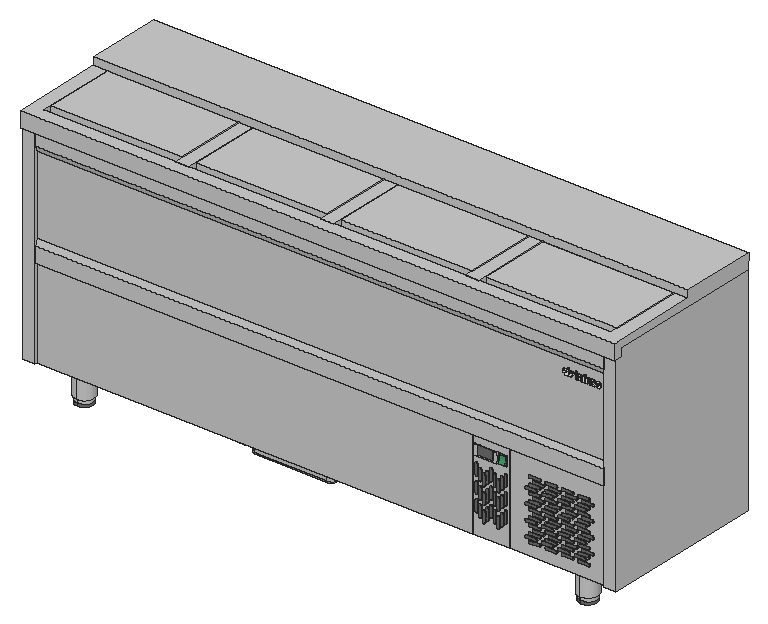
Revit family "QF_INFRICO_EB2000II_250807075353", category Specialty Equipment, Revit 2021
Family settings
  Round Connector Dimension = Use Diameter
  Part Type = Normal
  OmniClass Number = 23.40.40.14
  OmniClass Title = Food Service Equipment
  Work Plane-Based = No
  Always vertical = Yes
  Cut with Voids When Loaded = No
  Shared = No
  Room Calculation Point = No
Parameters (values of type "EB2000II")
  Weight [instance] = 0.00 kg
  Waste Water Discharge Temperature [instance] = 0 °C
  Waste Remarks [instance] = ""
  Warranty Start Date [instance] = ""
  Warranty Duration [instance] = ""
  Volts [instance] = 230 V
  Volt Free Conn [instance] = no
  URL Recommended Spares List [instance] = ""
  URL Manufacturer [instance] = ""
  URL Cutsheet [instance] = ""
  URL Critical Spares List [instance] = ""
  URL = "www.infrico.com"
  Technical Documentation [instance] = ""
  Tag Number [instance] = ""
  Status [instance] = ""
  Start Up Current [instance] = 0 A
  Specification by User [instance] = ""
  Specification by Manufacturer [instance] = ""
  Sound Level [instance] = ""
  Show Logo [instance] = yes
  Show Clearances [instance] = yes
  Service Life Duration [instance] = ""
  Serial Number [instance] = ""
  Seismic Rating [instance] = ""
  SMACNA No [instance] = ""
  Revision Code [instance] = ""
  Revision [instance] = ""
  Production Year [instance] = ""
  Potential Equalisation [instance] = no
  Point Load [instance] = 0
  Plumbing Connection Type [instance] = ""
  Phase [instance] = 1
  Other Equipment Approvals [instance] = ""
  Operational Current [instance] = 0 A
  Number of Poles [instance] = 2
  No Load Power Draw [instance] = no
  NAFEM Spec ID Number [instance] = ""
  Model Warning [instance] = ""
  Model = "EB2000II"
  Min Ckt Ampacity [instance] = 0 A
  Max Overcurrent Protection [instance] = 0 A
  Masterspec [instance] = ""
  Manufacturer = "INFRICO"
  Main switch integrated [instance] = no
  Length Actual [instance] = 1954.022 mm
  Item Number [instance] = ""
  Installed By [instance] = ""
  Installation Date [instance] = ""
  Indirect Waste Size [instance] = 19.05 mm
  Indirect Waste Remarks [instance] = ""
  Indirect Waste Flow [instance] = 0.0 L/s
  Indirect Waste Connection Type [instance] = ""
  Indirect Waste Connection Height [instance] = 0 mm
  Identify Quantity as Lot [instance] = no
  ID [instance] = ""
  Hygiene Approval [instance] = ""
  Height Actual [instance] = 865.124 mm
  HP power [instance] = ""
  Furnished By [instance] = ""
  Foodservice Equipment Identifier [instance] = no
  FL Amps [instance] = 0 A
  Electrical Remarks [instance] = ""
  Electric power [instance] = 180 W
  Electric Connection Type [instance] = ""
  Elec Conn RI Height [instance] = 0 mm
  Elec Conn Connection Height [instance] = 0 mm
  ETL Approved [instance] = no
  Direct Waste Water Discharge Temperature [instance] = -273.15 °C
  Direct Waste Size [instance] = 19.05 mm
  Direct Waste RI Height [instance] = 0 mm
  Direct Waste Flow [instance] = 0.0 L/s
  Direct Waste Connection Height [instance] = 0 mm
  Description = "CHEST BOTTLE COOLER - FOUR DOORS - R290"
  Depth Actual [instance] = 549.91 mm
  Default Elevation = 0 mm
  Cycle [instance] = 50 Hz
  Cost = 0
  Connection to energy optimisation system [instance] = yes
  Conn Plug [instance] = ""
  Conn Conduit [instance] = no
  Centralized building control system with digital interface [instance] = ""
  CSI MasterFormat [instance] = ""
  CE Approved [instance] = no
  Barcode [instance] = 0
  Author [instance] = ""
  Asset Identifier [instance] = ""
  Apparent Power [instance] = 180 VA
  Accessory [instance] = no
Reference planes
  plane 1 "Center (Front/Back)": y = 0
  plane 2: z = 0
  plane 3 "Center (Left/Right)": x = 0
Forms (mm)
  Extrusion 1, solid, not visible
    sketch origin (1522.074, -273.113, 107.005) x (1, 0, 0) y (0, 1, 0)
      loop
        line (-2, 2) -> (-2, -2) -> (2, -2) -> (2, 2) -> (-2, 2)
    from -2 to 2
  Extrusion 2, solid, not visible
    sketch origin (1387.568, -84.104, 107.005) x (1, 0, 0) y (0, 1, 0)
      loop
        line (-2, 2) -> (-2, -2) -> (2, -2) -> (2, 2) -> (-2, 2)
    from -2 to 2
Dimensions and locks
  locked: nested 2 to Extrusion 1 at 2  (x2)
  locked: nested 3 to Extrusion 2 at 2  (x2)
  aligned and locked: level to plane 2
Nested families
  nested 1: "QF_INFRICO_EB2000II_2920" at (0, 0, 0), type "EB2000II"
    with Weight 0.00 kg, Warranty Start Date "", Warranty Duration "", URL Cutsheet "", Technical Documentation "", Tag Number "", Status "", Specification by User "", Specification by Manufacturer "", Sound Level "", Solid Fuel Type "", Show Logo yes, Show Clearances yes, Show Clearance yes, Service Life Duration "", Serial Number "", Seismic Rating "", SMACNA No "", Revision Code "", Revision "", Production Year "", Point Load 0, Other Equipment Approvals "", NAFEM Spec ID Number "", Model Warning "", Masterspec "", Length Actual 1954.022 mm, Item Number "", Installed By "", Installation Date "", Identify Quantity as Lot yes, ID "", Hygiene Approval "", Height Actual 865.124 mm, Furnished By "", Foodservice Equipment Identifier yes, Finish none, ETL Approved yes, Depth Actual 549.91 mm, CSI MasterFormat "", CE Approved no, Barcode "", Author "", Asset Identifier "", Accessory no
  nested 2: "CONN_POINT_DRAIN_2D___Generic_Annotation" at (1522.074, -273.113, 105.005), type "CONN_POINT_DRAIN_2D___Generic_Annotation"
    with Onboard connection annotation symbol visibility yes
  nested 3: "CONN_POINT_ELE_2D___Generic_Annotation" at (1387.568, -84.104, 105.005), type "CONN_POINT_ELE_2D___Generic_Annotation"
    with Onboard connection annotation symbol visibility yes
Connectors
  piping at (1522.074, -273.113, 105.005), diameter 19.05, driven by "Indirect Waste Size", driven by "Direct Waste Flow"
    settings: on Extrusion 1, index 1, connector inside diameter 609.6 mm, connector length 0 mm, flow factor 0, pipe flow 0.0 L/s, pressure drop 0.0 Pa, fitting loss kfactor 0, connector angle 0.00°, fixture units 0, engagement length 0 mm, angle of deflection 0.00°, flow configuration 1, flow direction 2, fitting loss method 0, system type 16, joint type 0, gender type 0, connector reference index -1, connector utility 0, adjustable connector no, is connector primary yes, connector description "Waste connection for EB2000II"
  electrical at (1387.568, -84.104, 105.005), driven by "Apparent Power", driven by "Number of Poles", driven by "Volts"
    settings: on Extrusion 2, index 2, voltage 230 V, apparent load 0 VA, apparent load phase1 180 VA, apparent load phase2 0 VA, apparent load phase3 0 VA, power factor 1, load classification "Other", number of poles 2, system type 31, power factor state 1, is connector primary yes, connector utility no, sub classification motor no, connector description "Electrical connection for EB2000II"
Definition of nested family "QF_INFRICO_EB2000II_2920"
  Parameters (values of type "EB2000II")
    Weight [instance] = 0.00 kg
    Warranty Start Date [instance] = ""
    Warranty Duration [instance] = ""
    URL Cutsheet [instance] = ""
    URL = "www.infrico.com"
    Technical Documentation [instance] = ""
    Tag Number [instance] = ""
    Status [instance] = ""
    Specification by User [instance] = ""
    Specification by Manufacturer [instance] = ""
    Sound Level [instance] = ""
    Solid Fuel Type [instance] = ""
    Show Logo [instance] = yes
    Show Clearances [instance] = yes
    Show Clearance [instance] = yes
    Service Life Duration [instance] = ""
    Serial Number [instance] = ""
    Seismic Rating [instance] = ""
    SMACNA No [instance] = ""
    Revision Code [instance] = ""
    Revision [instance] = ""
    Production Year [instance] = ""
    Point Load [instance] = 0
    Other Equipment Approvals [instance] = ""
    NAFEM Spec ID Number [instance] = ""
    Model Warning [instance] = ""
    Model = "EB2000II"
    Masterspec [instance] = ""
    Manufacturer = "INFRICO"
    Length Actual [instance] = 0 mm
    Item Number [instance] = ""
    Installed By [instance] = ""
    Installation Date [instance] = ""
    Identify Quantity as Lot [instance] = yes
    ID [instance] = ""
    Hygiene Approval [instance] = ""
    Height Actual [instance] = 0 mm
    Furnished By [instance] = ""
    Foodservice Equipment Identifier [instance] = yes
    Finish [instance] = none
    ETL Approved [instance] = yes
    Description = "CHEST BOTTLE COOLER - FOUR DOORS - R290"
    Depth Actual [instance] = 0 mm
    Default Elevation = 0 mm
    CSI MasterFormat [instance] = ""
    CE Approved [instance] = yes
    Barcode [instance] = ""
    Author [instance] = ""
    Asset Identifier [instance] = ""
    Assembly Code = "E1090320"
    Accessory [instance] = yes
  Reference planes
    plane 1 "Back": y = 0
    plane 2: z = 0
    plane 3 "Left": x = 0
    plane 4 "Right": x = 1954
    plane 5 "Front": y = -550
    plane 6 "Top": z = 865
  Forms (mm)
    Extrusion 1, solid
      sketch origin (0, 0, -15) x (0, 1, 0) y (0, 0, 1)
        loop
          line (0, 880) -> (-247, 880) -> (-247, 855) -> (0, 855) -> (0, 880)
      from 0 to 1954
    Extrusion 2, solid
      sketch origin (0, 0, -15) x (1, 0, 0) y (0, 0, 1)
        loop
          line (44, 855) -> (0, 855) -> (0, 830) -> (3, 830) -> (3, 836) -> (44, 836) -> (44, 855)
      from 0 to 510
    Extrusion 3, solid
      sketch origin (1954, 0, -15) x (-1, 0, 0) y (0, 0, -1)
        loop
          line (44, -855) -> (44, -836) -> (3, -836) -> (3, -830) -> (0, -830) -> (0, -855) -> (44, -855)
      from 0 to 510
    Extrusion 4, solid
      sketch origin (0, 0, -15) x (0, 1, 0) y (0, 0, 1)
        loop
          line (-510, 830) -> (-510, 855) -> (-550, 855) -> (-550, 830) -> (-510, 830)
      from 0 to 1954
    Extrusion 5, solid
      sketch origin (2, 0, -15) x (0, 1, 0) y (0, 0, 1)
        loop
          line (-247, 855) -> (-482, 855) -> (-482, 832) -> (-510, 832) -> (-510, 830) -> (-247, 830) -> (-247, 855)
      from 44 to 475
    Extrusion 6, solid
      sketch origin (0, 0, -15) x (0, 1, 0) y (0, 0, 1)
        loop
          line (0, 855) -> (-44, 855) -> (-44, 830) -> (0, 830) -> (0, 855)
      from 44 to 1910
    Extrusion 7, solid
      sketch origin (0, 0, -15) x (1, 0, 0) y (0, 0, 1)
        loop
          line (3, 830) -> (44, 830) -> (44, 836) -> (3, 836) -> (3, 830)
      from 0 to 44
    Extrusion 8, solid
      sketch origin (1907, 0, -15) x (1, 0, 0) y (0, 0, 1)
        loop
          line (3, 830) -> (44, 830) -> (44, 836) -> (3, 836) -> (3, 830)
      from 0 to 44
    Extrusion 9, solid
      sketch origin (3, 0, -15) x (0, 1, 0) y (0, 0, 1)
        loop
          line (-542, 120) -> (0, 120) -> (0, 830) -> (-542, 830) -> (-542, 120)
      from 0 to 39
    Extrusion 10, solid, visible <- "Show Logo"
      sketch origin (610.682, -535, -15.716) x (1, 0, 0) y (0, 0, 1)
        loop
          line (1208.799, 696.53) -> (1208.799, 719.204) -> (1204.173, 719.204) -> (1204.173, 696.53) -> (1208.799, 696.53)
        loop
          line (1214.779, 713.006) -> (1211.283, 713.006) -> (1211.283, 696.53) -> (1215.772, 696.53) -> (1215.772, 707.832)
          arc (1215.772, 707.832) -> (1217.528, 708.741) -> (1219.417, 709.324) r 11.052
          arc (1219.417, 709.324) -> (1220.929, 708.961) -> (1221.598, 707.557) r 1.806
          line (1221.598, 707.557) -> (1221.598, 696.53) -> (1226.121, 696.53) -> (1226.121, 708.689)
          arc (1226.121, 708.689) -> (1224.637, 712.075) -> (1221.141, 713.281) r 4.607
          arc (1221.141, 713.281) -> (1218.282, 712.674) -> (1215.669, 711.361) r 11.435
          line (1215.669, 711.361) -> (1215.601, 712.184)
          arc (1215.601, 712.184) -> (1215.36, 712.765) -> (1214.779, 713.006) r 0.822
        loop
          line (1238.557, 720.102) -> (1237.306, 720.102)
          arc (1237.306, 720.102) -> (1235.052, 719.926) -> (1232.881, 719.297) r 11.103
          arc (1232.881, 719.297) -> (1230.805, 717.616) -> (1230.024, 715.062) r 4.567
          line (1230.024, 715.062) -> (1230.024, 712.909) -> (1227.351, 712.703) -> (1227.351, 709.374) -> (1230.024, 709.374) -> (1230.024, 696.53) -> (1234.547, 696.53) -> (1234.547, 709.374) -> (1238.249, 709.374) -> (1238.249, 712.938) -> (1234.547, 712.938) -> (1234.547, 714.548)
          arc (1234.547, 714.548) -> (1234.956, 715.705) -> (1236.045, 716.271) r 1.67
          line (1236.045, 716.271) -> (1237.7, 716.399)
          arc (1237.7, 716.399) -> (1238.306, 716.65) -> (1238.557, 717.255) r 0.857
          line (1238.557, 717.255) -> (1238.557, 720.102)
        loop
          line (1239.479, 713.006) -> (1239.479, 696.53) -> (1243.968, 696.53) -> (1243.968, 707.352)
          arc (1243.968, 707.352) -> (1245.873, 708.631) -> (1248.077, 709.268) r 7.435
          line (1248.077, 709.268) -> (1249.241, 709.416)
          arc (1249.241, 709.416) -> (1249.643, 709.758) -> (1249.793, 710.265) r 0.928
          line (1249.793, 710.265) -> (1249.793, 712.458)
          arc (1249.793, 712.458) -> (1249.531, 713.061) -> (1248.912, 713.28) r 0.824
          arc (1248.912, 713.28) -> (1246.197, 712.588) -> (1243.899, 710.984) r 7.833
          line (1243.899, 710.984) -> (1243.726, 713.006) -> (1239.479, 713.006)
        loop
          line (1255.495, 696.53) -> (1255.495, 713.006) -> (1251.006, 713.006) -> (1251.006, 696.53) -> (1255.495, 696.53)
        loop
          arc (1257.421, 701.327) -> (1258.567, 698.188) -> (1261.466, 696.525) r 4.873
          arc (1261.466, 696.525) -> (1264.493, 696.266) -> (1267.521, 696.525) r 17.816
          arc (1267.521, 696.525) -> (1270.575, 699.134) -> (1271.505, 703.041) r 6.481
          line (1271.505, 703.041) -> (1267.187, 703.041) -> (1267.187, 701.67)
          arc (1267.187, 701.67) -> (1266.64, 700.452) -> (1265.442, 699.865) r 1.965
          arc (1265.442, 699.865) -> (1264.547, 699.816) -> (1263.653, 699.865) r 8.196
          arc (1263.653, 699.865) -> (1262.417, 700.415) -> (1261.91, 701.67) r 1.806
          line (1261.91, 701.67) -> (1261.91, 707.9)
          arc (1261.91, 707.9) -> (1262.417, 709.155) -> (1263.653, 709.705) r 1.806
          arc (1263.653, 709.705) -> (1264.547, 709.754) -> (1265.442, 709.705) r 8.196
          arc (1265.442, 709.705) -> (1266.64, 709.118) -> (1267.187, 707.9) r 1.965
          line (1267.187, 707.9) -> (1267.187, 706.838) -> (1271.505, 706.838)
          arc (1271.505, 706.838) -> (1270.524, 710.556) -> (1267.521, 712.959) r 6.132
          arc (1267.521, 712.959) -> (1264.493, 713.294) -> (1261.466, 712.959) r 13.851
          arc (1261.466, 712.959) -> (1258.571, 711.349) -> (1257.421, 708.243) r 4.772
          line (1257.421, 708.243) -> (1257.421, 701.327)
        loop
          arc (1272.916, 701.329) -> (1273.993, 698.345) -> (1276.726, 696.734) r 4.676
          arc (1276.726, 696.734) -> (1278.515, 696.455) -> (1280.318, 696.291) r 28.371
          arc (1280.318, 696.291) -> (1282.122, 696.455) -> (1283.911, 696.734) r 28.371
          arc (1283.911, 696.734) -> (1286.644, 698.345) -> (1287.72, 701.329) r 4.676
          line (1287.72, 701.329) -> (1287.72, 708.242)
          arc (1287.72, 708.242) -> (1286.644, 711.226) -> (1283.911, 712.837) r 4.676
          arc (1283.911, 712.837) -> (1282.122, 713.116) -> (1280.318, 713.28) r 28.371
          arc (1280.318, 713.28) -> (1278.515, 713.116) -> (1276.726, 712.837) r 28.371
          arc (1276.726, 712.837) -> (1273.993, 711.226) -> (1272.916, 708.242) r 4.676
          line (1272.916, 708.242) -> (1272.916, 701.329)
        loop
          line (1277.405, 707.866) -> (1277.405, 701.705)
          arc (1277.405, 701.705) -> (1277.844, 700.556) -> (1278.936, 699.991) r 1.725
          arc (1278.936, 699.991) -> (1279.627, 699.918) -> (1280.318, 699.856) r 46.133
          arc (1280.318, 699.856) -> (1281.01, 699.918) -> (1281.701, 699.991) r 46.133
          arc (1281.701, 699.991) -> (1282.793, 700.556) -> (1283.231, 701.705) r 1.725
          line (1283.231, 701.705) -> (1283.231, 707.866)
          arc (1283.231, 707.866) -> (1282.793, 709.015) -> (1281.701, 709.58) r 1.725
          arc (1281.701, 709.58) -> (1281.01, 709.653) -> (1280.318, 709.716) r 46.133
          arc (1280.318, 709.716) -> (1279.627, 709.653) -> (1278.936, 709.58) r 46.133
          arc (1278.936, 709.58) -> (1277.844, 709.015) -> (1277.405, 707.866) r 1.725
        loop
          arc (1190.339, 696.543) -> (1191.411, 696.987) -> (1191.856, 698.059) r 1.516
          line (1191.856, 698.059) -> (1191.856, 703.891) -> (1196.035, 703.891)
          arc (1196.035, 703.891) -> (1196.79, 704.121) -> (1197.218, 704.782) r 1.147
          line (1197.218, 704.782) -> (1197.218, 706.211)
          arc (1197.218, 706.211) -> (1196.787, 707.258) -> (1195.719, 707.634) r 1.385
          line (1195.719, 707.634) -> (1194.52, 707.634) -> (1197.218, 710.332)
          arc (1197.218, 710.332) -> (1197.605, 711.266) -> (1197.218, 712.2) r 1.321
          line (1197.218, 712.2) -> (1196.495, 712.923)
          arc (1196.495, 712.923) -> (1195.54, 713.338) -> (1194.558, 712.991) r 1.422
          line (1194.558, 712.991) -> (1191.853, 710.286) -> (1191.853, 711.479)
          arc (1191.853, 711.479) -> (1191.443, 712.516) -> (1190.435, 712.992) r 1.516
          line (1190.435, 712.992) -> (1189.514, 712.992)
          arc (1189.514, 712.992) -> (1188.511, 712.514) -> (1188.103, 711.479) r 1.516
          line (1188.103, 711.479) -> (1188.103, 706.83) -> (1182.073, 701.336) -> (1182.073, 707.509) -> (1185.639, 711.075)
          arc (1185.639, 711.075) -> (1186.053, 712.073) -> (1185.639, 713.071) r 1.412
          line (1185.639, 713.071) -> (1184.987, 713.723)
          arc (1184.987, 713.723) -> (1183.939, 714.141) -> (1182.915, 713.667) r 1.428
          line (1182.915, 713.667) -> (1182.073, 712.825) -> (1182.073, 717.784)
          arc (1182.073, 717.784) -> (1181.658, 718.787) -> (1180.655, 719.203) r 1.418
          line (1180.655, 719.203) -> (1179.726, 719.203)
          arc (1179.726, 719.203) -> (1178.723, 718.787) -> (1178.308, 717.784) r 1.418
          line (1178.308, 717.784) -> (1178.308, 712.825) -> (1177.466, 713.667)
          arc (1177.466, 713.667) -> (1176.442, 714.141) -> (1175.394, 713.723) r 1.428
          line (1175.394, 713.723) -> (1174.742, 713.071)
          arc (1174.742, 713.071) -> (1174.328, 712.073) -> (1174.742, 711.075) r 1.412
          line (1174.742, 711.075) -> (1178.308, 707.509) -> (1178.308, 701.336) -> (1172.278, 706.83) -> (1172.278, 711.479)
          arc (1172.278, 711.479) -> (1171.87, 712.514) -> (1170.867, 712.992) r 1.516
          line (1170.867, 712.992) -> (1169.946, 712.992)
          arc (1169.946, 712.992) -> (1168.938, 712.516) -> (1168.528, 711.479) r 1.516
          line (1168.528, 711.479) -> (1168.528, 710.286) -> (1165.823, 712.991)
          arc (1165.823, 712.991) -> (1164.841, 713.338) -> (1163.886, 712.923) r 1.422
          line (1163.886, 712.923) -> (1163.163, 712.2)
          arc (1163.163, 712.2) -> (1162.776, 711.266) -> (1163.163, 710.332) r 1.321
          line (1163.163, 710.332) -> (1165.861, 707.634) -> (1164.662, 707.634)
          arc (1164.662, 707.634) -> (1163.594, 707.258) -> (1163.163, 706.211) r 1.385
          line (1163.163, 706.211) -> (1163.163, 704.782)
          arc (1163.163, 704.782) -> (1163.591, 704.121) -> (1164.346, 703.891) r 1.147
          line (1164.346, 703.891) -> (1168.525, 703.891) -> (1168.525, 698.059)
          arc (1168.525, 698.059) -> (1168.969, 696.987) -> (1170.042, 696.543) r 1.516
          line (1170.042, 696.543) -> (1190.339, 696.543)
      from 0 to 2
    Extrusion 11, solid
      sketch origin (1585.5, -534, 1402.457) x (0, -1, 0) y (0, 0, 1)
        loop
          line (0, -1056.457) -> (2, -1056.457)
          arc (2, -1056.457) -> (5.042, -1056.207) -> (8.002, -1055.466) r 18.678
          arc (8.002, -1055.466) -> (4.242, -1043.724) -> (3, -1031.457) r 59.104
          line (3, -1031.457) -> (0, -1031.457) -> (0, -1056.457)
      from 0 to 19
    Extrusion 12, solid
      sketch origin (1585.5, -536, 1402.457) x (-1, 0, 0) y (0, 0, 1)
        loop
          line (22, -1028.457) -> (-3, -1028.457) -> (-3, -1059.457) -> (22, -1059.457) -> (22, -1028.457)
      from 0 to 2
    Extrusion 13, solid
      sketch origin (2763.844, -534.1, 58.143) x (-1, 0, 0) y (0, 0, 1)
        loop
          arc (1280.344, 256.857) -> (1275.844, 261.357) -> (1271.344, 256.857) r 4.5
          line (1271.344, 256.857) -> (1271.344, 225.857)
          arc (1271.344, 225.857) -> (1275.844, 221.357) -> (1280.344, 225.857) r 4.5
          line (1280.344, 225.857) -> (1280.344, 256.857)
        loop
          arc (1268.344, 244.857) -> (1263.844, 249.357) -> (1259.344, 244.857) r 4.5
          line (1259.344, 244.857) -> (1259.344, 213.857)
          arc (1259.344, 213.857) -> (1263.844, 209.357) -> (1268.344, 213.857) r 4.5
          line (1268.344, 213.857) -> (1268.344, 244.857)
        loop
          arc (1256.344, 232.857) -> (1251.844, 237.357) -> (1247.344, 232.857) r 4.5
          line (1247.344, 232.857) -> (1247.344, 201.857)
          arc (1247.344, 201.857) -> (1251.844, 197.357) -> (1256.344, 201.857) r 4.5
          line (1256.344, 201.857) -> (1256.344, 232.857)
        loop
          arc (1244.344, 244.857) -> (1239.844, 249.357) -> (1235.344, 244.857) r 4.5
          line (1235.344, 244.857) -> (1235.344, 213.857)
          arc (1235.344, 213.857) -> (1239.844, 209.357) -> (1244.344, 213.857) r 4.5
          line (1244.344, 213.857) -> (1244.344, 244.857)
        loop
          arc (1232.344, 256.857) -> (1227.844, 261.357) -> (1223.344, 256.857) r 4.5
          line (1223.344, 256.857) -> (1223.344, 225.857)
          arc (1223.344, 225.857) -> (1227.844, 221.357) -> (1232.344, 225.857) r 4.5
          line (1232.344, 225.857) -> (1232.344, 256.857)
        loop
          arc (1220.344, 244.857) -> (1215.844, 249.357) -> (1211.344, 244.857) r 4.5
          line (1211.344, 244.857) -> (1211.344, 213.857)
          arc (1211.344, 213.857) -> (1215.844, 209.357) -> (1220.344, 213.857) r 4.5
          line (1220.344, 213.857) -> (1220.344, 244.857)
        loop
          arc (1208.344, 232.857) -> (1203.844, 237.357) -> (1199.344, 232.857) r 4.5
          line (1199.344, 232.857) -> (1199.344, 201.857)
          arc (1199.344, 201.857) -> (1203.844, 197.357) -> (1208.344, 201.857) r 4.5
          line (1208.344, 201.857) -> (1208.344, 232.857)
        loop
          arc (1196.344, 244.857) -> (1191.844, 249.357) -> (1187.344, 244.857) r 4.5
          line (1187.344, 244.857) -> (1187.344, 213.857)
          arc (1187.344, 213.857) -> (1191.844, 209.357) -> (1196.344, 213.857) r 4.5
          line (1196.344, 213.857) -> (1196.344, 244.857)
        loop
          line (1175.344, 256.857) -> (1175.344, 225.857)
          arc (1175.344, 225.857) -> (1179.844, 221.357) -> (1184.344, 225.857) r 4.5
          line (1184.344, 225.857) -> (1184.344, 256.857)
          arc (1184.344, 256.857) -> (1179.844, 261.357) -> (1175.344, 256.857) r 4.5
        loop
          arc (1280.344, 202.857) -> (1275.844, 207.357) -> (1271.344, 202.857) r 4.5
          line (1271.344, 202.857) -> (1271.344, 171.857)
          arc (1271.344, 171.857) -> (1275.844, 167.357) -> (1280.344, 171.857) r 4.5
          line (1280.344, 171.857) -> (1280.344, 202.857)
        loop
          arc (1268.344, 190.857) -> (1263.844, 195.357) -> (1259.344, 190.857) r 4.5
          line (1259.344, 190.857) -> (1259.344, 159.857)
          arc (1259.344, 159.857) -> (1263.844, 155.357) -> (1268.344, 159.857) r 4.5
          line (1268.344, 159.857) -> (1268.344, 190.857)
        loop
          arc (1256.344, 178.857) -> (1251.844, 183.357) -> (1247.344, 178.857) r 4.5
          line (1247.344, 178.857) -> (1247.344, 147.857)
          arc (1247.344, 147.857) -> (1251.844, 143.357) -> (1256.344, 147.857) r 4.5
          line (1256.344, 147.857) -> (1256.344, 178.857)
        loop
          arc (1244.344, 190.857) -> (1239.844, 195.357) -> (1235.344, 190.857) r 4.5
          line (1235.344, 190.857) -> (1235.344, 159.857)
          arc (1235.344, 159.857) -> (1239.844, 155.357) -> (1244.344, 159.857) r 4.5
          line (1244.344, 159.857) -> (1244.344, 190.857)
        loop
          arc (1232.344, 202.857) -> (1227.844, 207.357) -> (1223.344, 202.857) r 4.5
          line (1223.344, 202.857) -> (1223.344, 171.857)
          arc (1223.344, 171.857) -> (1227.844, 167.357) -> (1232.344, 171.857) r 4.5
          line (1232.344, 171.857) -> (1232.344, 202.857)
        loop
          arc (1220.344, 190.857) -> (1215.844, 195.357) -> (1211.344, 190.857) r 4.5
          line (1211.344, 190.857) -> (1211.344, 159.857)
          arc (1211.344, 159.857) -> (1215.844, 155.357) -> (1220.344, 159.857) r 4.5
          line (1220.344, 159.857) -> (1220.344, 190.857)
        loop
          arc (1208.344, 178.857) -> (1203.844, 183.357) -> (1199.344, 178.857) r 4.5
          line (1199.344, 178.857) -> (1199.344, 147.857)
          arc (1199.344, 147.857) -> (1203.844, 143.357) -> (1208.344, 147.857) r 4.5
          line (1208.344, 147.857) -> (1208.344, 178.857)
        loop
          arc (1196.344, 190.857) -> (1191.844, 195.357) -> (1187.344, 190.857) r 4.5
          line (1187.344, 190.857) -> (1187.344, 159.857)
          arc (1187.344, 159.857) -> (1191.844, 155.357) -> (1196.344, 159.857) r 4.5
          line (1196.344, 159.857) -> (1196.344, 190.857)
        loop
          line (1175.344, 202.857) -> (1175.344, 171.857)
          arc (1175.344, 171.857) -> (1179.844, 167.357) -> (1184.344, 171.857) r 4.5
          line (1184.344, 171.857) -> (1184.344, 202.857)
          arc (1184.344, 202.857) -> (1179.844, 207.357) -> (1175.344, 202.857) r 4.5
        loop
          arc (1280.344, 148.857) -> (1275.844, 153.357) -> (1271.344, 148.857) r 4.5
          line (1271.344, 148.857) -> (1271.344, 117.857)
          arc (1271.344, 117.857) -> (1275.844, 113.357) -> (1280.344, 117.857) r 4.5
          line (1280.344, 117.857) -> (1280.344, 148.857)
        loop
          arc (1268.344, 136.857) -> (1263.844, 141.357) -> (1259.344, 136.857) r 4.5
          line (1259.344, 136.857) -> (1259.344, 105.857)
          arc (1259.344, 105.857) -> (1263.844, 101.357) -> (1268.344, 105.857) r 4.5
          line (1268.344, 105.857) -> (1268.344, 136.857)
        loop
          arc (1256.344, 124.857) -> (1251.844, 129.357) -> (1247.344, 124.857) r 4.5
          line (1247.344, 124.857) -> (1247.344, 93.857)
          arc (1247.344, 93.857) -> (1251.844, 89.357) -> (1256.344, 93.857) r 4.5
          line (1256.344, 93.857) -> (1256.344, 124.857)
        loop
          arc (1244.344, 136.857) -> (1239.844, 141.357) -> (1235.344, 136.857) r 4.5
          line (1235.344, 136.857) -> (1235.344, 105.857)
          arc (1235.344, 105.857) -> (1239.844, 101.357) -> (1244.344, 105.857) r 4.5
          line (1244.344, 105.857) -> (1244.344, 136.857)
        loop
          arc (1232.344, 148.857) -> (1227.844, 153.357) -> (1223.344, 148.857) r 4.5
          line (1223.344, 148.857) -> (1223.344, 117.857)
          arc (1223.344, 117.857) -> (1227.844, 113.357) -> (1232.344, 117.857) r 4.5
          line (1232.344, 117.857) -> (1232.344, 148.857)
        loop
          arc (1220.344, 136.857) -> (1215.844, 141.357) -> (1211.344, 136.857) r 4.5
          line (1211.344, 136.857) -> (1211.344, 105.857)
          arc (1211.344, 105.857) -> (1215.844, 101.357) -> (1220.344, 105.857) r 4.5
          line (1220.344, 105.857) -> (1220.344, 136.857)
        loop
          arc (1208.344, 124.857) -> (1203.844, 129.357) -> (1199.344, 124.857) r 4.5
          line (1199.344, 124.857) -> (1199.344, 93.857)
          arc (1199.344, 93.857) -> (1203.844, 89.357) -> (1208.344, 93.857) r 4.5
          line (1208.344, 93.857) -> (1208.344, 124.857)
        loop
          arc (1196.344, 136.857) -> (1191.844, 141.357) -> (1187.344, 136.857) r 4.5
          line (1187.344, 136.857) -> (1187.344, 105.857)
          arc (1187.344, 105.857) -> (1191.844, 101.357) -> (1196.344, 105.857) r 4.5
          line (1196.344, 105.857) -> (1196.344, 136.857)
        loop
          line (1175.344, 148.857) -> (1175.344, 117.857)
          arc (1175.344, 117.857) -> (1179.844, 113.357) -> (1184.344, 117.857) r 4.5
          line (1184.344, 117.857) -> (1184.344, 148.857)
          arc (1184.344, 148.857) -> (1179.844, 153.357) -> (1175.344, 148.857) r 4.5
      from 0 to 2
    Extrusion 14, solid
      sketch origin (-1000, 0, -15) x (1, 0, 0) y (0, 1, 0)
        loop
          line (1000, -550) -> (2954, -550) -> (2954, -525) -> (2951, -525) -> (2951, -548) -> (1003, -548) -> (1003, -525) -> (1000, -525) -> (1000, -550)
      from 805 to 830
    Extrusion 15, solid
      sketch origin (998, 0, -15) x (0, 1, 0) y (0, 0, -1)
        loop
          line (-247, -855) -> (-247, -830) -> (-510, -830) -> (-510, -832) -> (-482, -832) -> (-482, -855) -> (-247, -855)
      from 44 to 475
    Extrusion 16, solid
      sketch origin (-2, 0, -15) x (1, 0, 0) y (0, 1, 0)
        loop
          line (480, -247) -> (480, -510) -> (524, -510) -> (524, -247) -> (480, -247)
      from 830 to 855
    Extrusion 17, solid
      sketch origin (1951, 0, -15) x (0, 1, 0) y (0, 0, -1)
        loop
          line (-542, -120) -> (-542, -830) -> (0, -830) -> (0, -120) -> (-542, -120)
      from 0 to 39
    Extrusion 18, solid
      sketch origin (0, 0, -2) x (0, 1, 0) y (0, 0, 1)
        loop
          line (-542, 817) -> (-542, 750) -> (-535, 731) -> (-535, 474) -> (-542, 455) -> (-542, 405) -> (-525, 405) -> (-525, 817) -> (-542, 817)
      from 42 to 1912
    Extrusion 19, solid
      sketch origin (0, 0, -2) x (0, 1, 0) y (0, 0, 1)
        loop
          line (0, 817) -> (-12, 817) -> (-12, 119) -> (-485, 119) -> (-485, 107) -> (0, 107) -> (0, 817)
      from 42 to 1912
    Extrusion 20, solid
      sketch origin (0, 0, -2) x (0, 1, 0) y (0, 0, 1)
        loop
          line (-485, 107) -> (-485, 119) -> (-525, 119) -> (-525, 405) -> (-534, 405) -> (-534, 107) -> (-485, 107)
      from 42 to 1476
    Extrusion 21, solid
      sketch origin (1434, 0, -2) x (0, 1, 0) y (0, 0, 1)
        loop
          line (-485, 107) -> (-485, 119) -> (-525, 119) -> (-525, 405) -> (-534, 405) -> (-534, 107) -> (-485, 107)
      from 42 to 162
    Extrusion 22, solid
      sketch origin (1554, 0, -2) x (0, 1, 0) y (0, 0, 1)
        loop
          line (-485, 107) -> (-485, 119) -> (-525, 119) -> (-525, 405) -> (-534, 405) -> (-534, 107) -> (-485, 107)
      from 42 to 358
    Extrusion 23, solid
      sketch origin (2883.844, -534.1, 58.143) x (-1, 0, 0) y (0, 0, 1)
        loop
          arc (1068.844, 176.857) -> (1064.344, 172.357) -> (1068.844, 167.857) r 4.5
          line (1068.844, 167.857) -> (1099.844, 167.857)
          arc (1099.844, 167.857) -> (1104.344, 172.357) -> (1099.844, 176.857) r 4.5
          line (1099.844, 176.857) -> (1068.844, 176.857)
        loop
          arc (1080.844, 164.857) -> (1076.344, 160.357) -> (1080.844, 155.857) r 4.5
          line (1080.844, 155.857) -> (1111.844, 155.857)
          arc (1111.844, 155.857) -> (1116.344, 160.357) -> (1111.844, 164.857) r 4.5
          line (1111.844, 164.857) -> (1080.844, 164.857)
        loop
          arc (1092.844, 152.857) -> (1088.344, 148.357) -> (1092.844, 143.857) r 4.5
          line (1092.844, 143.857) -> (1123.844, 143.857)
          arc (1123.844, 143.857) -> (1128.344, 148.357) -> (1123.844, 152.857) r 4.5
          line (1123.844, 152.857) -> (1092.844, 152.857)
        loop
          arc (1080.844, 140.857) -> (1076.344, 136.357) -> (1080.844, 131.857) r 4.5
          line (1080.844, 131.857) -> (1111.844, 131.857)
          arc (1111.844, 131.857) -> (1116.344, 136.357) -> (1111.844, 140.857) r 4.5
          line (1111.844, 140.857) -> (1080.844, 140.857)
        loop
          arc (1068.844, 128.857) -> (1064.344, 124.357) -> (1068.844, 119.857) r 4.5
          line (1068.844, 119.857) -> (1099.844, 119.857)
          arc (1099.844, 119.857) -> (1104.344, 124.357) -> (1099.844, 128.857) r 4.5
          line (1099.844, 128.857) -> (1068.844, 128.857)
        loop
          arc (1080.844, 116.857) -> (1076.344, 112.357) -> (1080.844, 107.857) r 4.5
          line (1080.844, 107.857) -> (1111.844, 107.857)
          arc (1111.844, 107.857) -> (1116.344, 112.357) -> (1111.844, 116.857) r 4.5
          line (1111.844, 116.857) -> (1080.844, 116.857)
        loop
          arc (1092.844, 104.857) -> (1088.344, 100.357) -> (1092.844, 95.857) r 4.5
          line (1092.844, 95.857) -> (1123.844, 95.857)
          arc (1123.844, 95.857) -> (1128.344, 100.357) -> (1123.844, 104.857) r 4.5
          line (1123.844, 104.857) -> (1092.844, 104.857)
        loop
          arc (1080.844, 92.857) -> (1076.344, 88.357) -> (1080.844, 83.857) r 4.5
          line (1080.844, 83.857) -> (1111.844, 83.857)
          arc (1111.844, 83.857) -> (1116.344, 88.357) -> (1111.844, 92.857) r 4.5
          line (1111.844, 92.857) -> (1080.844, 92.857)
        loop
          arc (1122.844, 176.857) -> (1118.344, 172.357) -> (1122.844, 167.857) r 4.5
          line (1122.844, 167.857) -> (1153.844, 167.857)
          arc (1153.844, 167.857) -> (1158.344, 172.357) -> (1153.844, 176.857) r 4.5
          line (1153.844, 176.857) -> (1122.844, 176.857)
        loop
          arc (1134.844, 164.857) -> (1130.344, 160.357) -> (1134.844, 155.857) r 4.5
          line (1134.844, 155.857) -> (1165.844, 155.857)
          arc (1165.844, 155.857) -> (1170.344, 160.357) -> (1165.844, 164.857) r 4.5
          line (1165.844, 164.857) -> (1134.844, 164.857)
        loop
          arc (1146.844, 152.857) -> (1142.344, 148.357) -> (1146.844, 143.857) r 4.5
          line (1146.844, 143.857) -> (1177.844, 143.857)
          arc (1177.844, 143.857) -> (1182.344, 148.357) -> (1177.844, 152.857) r 4.5
          line (1177.844, 152.857) -> (1146.844, 152.857)
        loop
          arc (1134.844, 140.857) -> (1130.344, 136.357) -> (1134.844, 131.857) r 4.5
          line (1134.844, 131.857) -> (1165.844, 131.857)
          arc (1165.844, 131.857) -> (1170.344, 136.357) -> (1165.844, 140.857) r 4.5
          line (1165.844, 140.857) -> (1134.844, 140.857)
        loop
          arc (1122.844, 128.857) -> (1118.344, 124.357) -> (1122.844, 119.857) r 4.5
          line (1122.844, 119.857) -> (1153.844, 119.857)
          arc (1153.844, 119.857) -> (1158.344, 124.357) -> (1153.844, 128.857) r 4.5
          line (1153.844, 128.857) -> (1122.844, 128.857)
        loop
          arc (1134.844, 116.857) -> (1130.344, 112.357) -> (1134.844, 107.857) r 4.5
          line (1134.844, 107.857) -> (1165.844, 107.857)
          arc (1165.844, 107.857) -> (1170.344, 112.357) -> (1165.844, 116.857) r 4.5
          line (1165.844, 116.857) -> (1134.844, 116.857)
        loop
          arc (1146.844, 104.857) -> (1142.344, 100.357) -> (1146.844, 95.857) r 4.5
          line (1146.844, 95.857) -> (1177.844, 95.857)
          arc (1177.844, 95.857) -> (1182.344, 100.357) -> (1177.844, 104.857) r 4.5
          line (1177.844, 104.857) -> (1146.844, 104.857)
        loop
          arc (1134.844, 92.857) -> (1130.344, 88.357) -> (1134.844, 83.857) r 4.5
          line (1134.844, 83.857) -> (1165.844, 83.857)
          arc (1165.844, 83.857) -> (1170.344, 88.357) -> (1165.844, 92.857) r 4.5
          line (1165.844, 92.857) -> (1134.844, 92.857)
        loop
          arc (1176.844, 176.857) -> (1172.344, 172.357) -> (1176.844, 167.857) r 4.5
          line (1176.844, 167.857) -> (1207.844, 167.857)
          arc (1207.844, 167.857) -> (1212.344, 172.357) -> (1207.844, 176.857) r 4.5
          line (1207.844, 176.857) -> (1176.844, 176.857)
        loop
          arc (1188.844, 164.857) -> (1184.344, 160.357) -> (1188.844, 155.857) r 4.5
          line (1188.844, 155.857) -> (1219.844, 155.857)
          arc (1219.844, 155.857) -> (1224.344, 160.357) -> (1219.844, 164.857) r 4.5
          line (1219.844, 164.857) -> (1188.844, 164.857)
        loop
          arc (1200.844, 152.857) -> (1196.344, 148.357) -> (1200.844, 143.857) r 4.5
          line (1200.844, 143.857) -> (1231.844, 143.857)
          arc (1231.844, 143.857) -> (1236.344, 148.357) -> (1231.844, 152.857) r 4.5
          line (1231.844, 152.857) -> (1200.844, 152.857)
        loop
          arc (1188.844, 140.857) -> (1184.344, 136.357) -> (1188.844, 131.857) r 4.5
          line (1188.844, 131.857) -> (1219.844, 131.857)
          arc (1219.844, 131.857) -> (1224.344, 136.357) -> (1219.844, 140.857) r 4.5
          line (1219.844, 140.857) -> (1188.844, 140.857)
        loop
          arc (1176.844, 128.857) -> (1172.344, 124.357) -> (1176.844, 119.857) r 4.5
          line (1176.844, 119.857) -> (1207.844, 119.857)
          arc (1207.844, 119.857) -> (1212.344, 124.357) -> (1207.844, 128.857) r 4.5
          line (1207.844, 128.857) -> (1176.844, 128.857)
        loop
          arc (1188.844, 116.857) -> (1184.344, 112.357) -> (1188.844, 107.857) r 4.5
          line (1188.844, 107.857) -> (1219.844, 107.857)
          arc (1219.844, 107.857) -> (1224.344, 112.357) -> (1219.844, 116.857) r 4.5
          line (1219.844, 116.857) -> (1188.844, 116.857)
        loop
          arc (1200.844, 104.857) -> (1196.344, 100.357) -> (1200.844, 95.857) r 4.5
          line (1200.844, 95.857) -> (1231.844, 95.857)
          arc (1231.844, 95.857) -> (1236.344, 100.357) -> (1231.844, 104.857) r 4.5
          line (1231.844, 104.857) -> (1200.844, 104.857)
        loop
          arc (1188.844, 92.857) -> (1184.344, 88.357) -> (1188.844, 83.857) r 4.5
          line (1188.844, 83.857) -> (1219.844, 83.857)
          arc (1219.844, 83.857) -> (1224.344, 88.357) -> (1219.844, 92.857) r 4.5
          line (1219.844, 92.857) -> (1188.844, 92.857)
        loop
          arc (1068.844, 272.857) -> (1064.344, 268.357) -> (1068.844, 263.857) r 4.5
          line (1068.844, 263.857) -> (1099.844, 263.857)
          arc (1099.844, 263.857) -> (1104.344, 268.357) -> (1099.844, 272.857) r 4.5
          line (1099.844, 272.857) -> (1068.844, 272.857)
        loop
          arc (1080.844, 260.857) -> (1076.344, 256.357) -> (1080.844, 251.857) r 4.5
          line (1080.844, 251.857) -> (1111.844, 251.857)
          arc (1111.844, 251.857) -> (1116.344, 256.357) -> (1111.844, 260.857) r 4.5
          line (1111.844, 260.857) -> (1080.844, 260.857)
        loop
          arc (1092.844, 248.857) -> (1088.344, 244.357) -> (1092.844, 239.857) r 4.5
          line (1092.844, 239.857) -> (1123.844, 239.857)
          arc (1123.844, 239.857) -> (1128.344, 244.357) -> (1123.844, 248.857) r 4.5
          line (1123.844, 248.857) -> (1092.844, 248.857)
        loop
          arc (1080.844, 236.857) -> (1076.344, 232.357) -> (1080.844, 227.857) r 4.5
          line (1080.844, 227.857) -> (1111.844, 227.857)
          arc (1111.844, 227.857) -> (1116.344, 232.357) -> (1111.844, 236.857) r 4.5
          line (1111.844, 236.857) -> (1080.844, 236.857)
        loop
          arc (1068.844, 224.857) -> (1064.344, 220.357) -> (1068.844, 215.857) r 4.5
          line (1068.844, 215.857) -> (1099.844, 215.857)
          arc (1099.844, 215.857) -> (1104.344, 220.357) -> (1099.844, 224.857) r 4.5
          line (1099.844, 224.857) -> (1068.844, 224.857)
        loop
          arc (1080.844, 212.857) -> (1076.344, 208.357) -> (1080.844, 203.857) r 4.5
          line (1080.844, 203.857) -> (1111.844, 203.857)
          arc (1111.844, 203.857) -> (1116.344, 208.357) -> (1111.844, 212.857) r 4.5
          line (1111.844, 212.857) -> (1080.844, 212.857)
        loop
          arc (1092.844, 200.857) -> (1088.344, 196.357) -> (1092.844, 191.857) r 4.5
          line (1092.844, 191.857) -> (1123.844, 191.857)
          arc (1123.844, 191.857) -> (1128.344, 196.357) -> (1123.844, 200.857) r 4.5
          line (1123.844, 200.857) -> (1092.844, 200.857)
        loop
          arc (1080.844, 188.857) -> (1076.344, 184.357) -> (1080.844, 179.857) r 4.5
          line (1080.844, 179.857) -> (1111.844, 179.857)
          arc (1111.844, 179.857) -> (1116.344, 184.357) -> (1111.844, 188.857) r 4.5
          line (1111.844, 188.857) -> (1080.844, 188.857)
        loop
          arc (1122.844, 272.857) -> (1118.344, 268.357) -> (1122.844, 263.857) r 4.5
          line (1122.844, 263.857) -> (1153.844, 263.857)
          arc (1153.844, 263.857) -> (1158.344, 268.357) -> (1153.844, 272.857) r 4.5
          line (1153.844, 272.857) -> (1122.844, 272.857)
        loop
          arc (1134.844, 260.857) -> (1130.344, 256.357) -> (1134.844, 251.857) r 4.5
          line (1134.844, 251.857) -> (1165.844, 251.857)
          arc (1165.844, 251.857) -> (1170.344, 256.357) -> (1165.844, 260.857) r 4.5
          line (1165.844, 260.857) -> (1134.844, 260.857)
        loop
          arc (1146.844, 248.857) -> (1142.344, 244.357) -> (1146.844, 239.857) r 4.5
          line (1146.844, 239.857) -> (1177.844, 239.857)
          arc (1177.844, 239.857) -> (1182.344, 244.357) -> (1177.844, 248.857) r 4.5
          line (1177.844, 248.857) -> (1146.844, 248.857)
        loop
          arc (1134.844, 236.857) -> (1130.344, 232.357) -> (1134.844, 227.857) r 4.5
          line (1134.844, 227.857) -> (1165.844, 227.857)
          arc (1165.844, 227.857) -> (1170.344, 232.357) -> (1165.844, 236.857) r 4.5
          line (1165.844, 236.857) -> (1134.844, 236.857)
        loop
          arc (1122.844, 224.857) -> (1118.344, 220.357) -> (1122.844, 215.857) r 4.5
          line (1122.844, 215.857) -> (1153.844, 215.857)
          arc (1153.844, 215.857) -> (1158.344, 220.357) -> (1153.844, 224.857) r 4.5
          line (1153.844, 224.857) -> (1122.844, 224.857)
        loop
          arc (1134.844, 212.857) -> (1130.344, 208.357) -> (1134.844, 203.857) r 4.5
          line (1134.844, 203.857) -> (1165.844, 203.857)
          arc (1165.844, 203.857) -> (1170.344, 208.357) -> (1165.844, 212.857) r 4.5
          line (1165.844, 212.857) -> (1134.844, 212.857)
        loop
          arc (1146.844, 200.857) -> (1142.344, 196.357) -> (1146.844, 191.857) r 4.5
          line (1146.844, 191.857) -> (1177.844, 191.857)
          arc (1177.844, 191.857) -> (1182.344, 196.357) -> (1177.844, 200.857) r 4.5
          line (1177.844, 200.857) -> (1146.844, 200.857)
        loop
          arc (1134.844, 188.857) -> (1130.344, 184.357) -> (1134.844, 179.857) r 4.5
          line (1134.844, 179.857) -> (1165.844, 179.857)
          arc (1165.844, 179.857) -> (1170.344, 184.357) -> (1165.844, 188.857) r 4.5
          line (1165.844, 188.857) -> (1134.844, 188.857)
        loop
          arc (1176.844, 272.857) -> (1172.344, 268.357) -> (1176.844, 263.857) r 4.5
          line (1176.844, 263.857) -> (1207.844, 263.857)
          arc (1207.844, 263.857) -> (1212.344, 268.357) -> (1207.844, 272.857) r 4.5
          line (1207.844, 272.857) -> (1176.844, 272.857)
        loop
          arc (1188.844, 260.857) -> (1184.344, 256.357) -> (1188.844, 251.857) r 4.5
          line (1188.844, 251.857) -> (1219.844, 251.857)
          arc (1219.844, 251.857) -> (1224.344, 256.357) -> (1219.844, 260.857) r 4.5
          line (1219.844, 260.857) -> (1188.844, 260.857)
        loop
          arc (1200.844, 248.857) -> (1196.344, 244.357) -> (1200.844, 239.857) r 4.5
          line (1200.844, 239.857) -> (1231.844, 239.857)
          arc (1231.844, 239.857) -> (1236.344, 244.357) -> (1231.844, 248.857) r 4.5
          line (1231.844, 248.857) -> (1200.844, 248.857)
        loop
          arc (1188.844, 236.857) -> (1184.344, 232.357) -> (1188.844, 227.857) r 4.5
          line (1188.844, 227.857) -> (1219.844, 227.857)
          arc (1219.844, 227.857) -> (1224.344, 232.357) -> (1219.844, 236.857) r 4.5
          line (1219.844, 236.857) -> (1188.844, 236.857)
        loop
          arc (1176.844, 224.857) -> (1172.344, 220.357) -> (1176.844, 215.857) r 4.5
          line (1176.844, 215.857) -> (1207.844, 215.857)
          arc (1207.844, 215.857) -> (1212.344, 220.357) -> (1207.844, 224.857) r 4.5
          line (1207.844, 224.857) -> (1176.844, 224.857)
        loop
          arc (1188.844, 212.857) -> (1184.344, 208.357) -> (1188.844, 203.857) r 4.5
          line (1188.844, 203.857) -> (1219.844, 203.857)
          arc (1219.844, 203.857) -> (1224.344, 208.357) -> (1219.844, 212.857) r 4.5
          line (1219.844, 212.857) -> (1188.844, 212.857)
        loop
          arc (1200.844, 200.857) -> (1196.344, 196.357) -> (1200.844, 191.857) r 4.5
          line (1200.844, 191.857) -> (1231.844, 191.857)
          arc (1231.844, 191.857) -> (1236.344, 196.357) -> (1231.844, 200.857) r 4.5
          line (1231.844, 200.857) -> (1200.844, 200.857)
        loop
          arc (1188.844, 188.857) -> (1184.344, 184.357) -> (1188.844, 179.857) r 4.5
          line (1188.844, 179.857) -> (1219.844, 179.857)
          arc (1219.844, 179.857) -> (1224.344, 184.357) -> (1219.844, 188.857) r 4.5
          line (1219.844, 188.857) -> (1188.844, 188.857)
        loop
          arc (1080.844, 284.857) -> (1076.344, 280.357) -> (1080.844, 275.857) r 4.5
          line (1080.844, 275.857) -> (1111.844, 275.857)
          arc (1111.844, 275.857) -> (1116.344, 280.357) -> (1111.844, 284.857) r 4.5
          line (1111.844, 284.857) -> (1080.844, 284.857)
        loop
          arc (1134.844, 284.857) -> (1130.344, 280.357) -> (1134.844, 275.857) r 4.5
          line (1134.844, 275.857) -> (1165.844, 275.857)
          arc (1165.844, 275.857) -> (1170.344, 280.357) -> (1165.844, 284.857) r 4.5
          line (1165.844, 284.857) -> (1134.844, 284.857)
        loop
          arc (1188.844, 284.857) -> (1184.344, 280.357) -> (1188.844, 275.857) r 4.5
          line (1188.844, 275.857) -> (1219.844, 275.857)
          arc (1219.844, 275.857) -> (1224.344, 280.357) -> (1219.844, 284.857) r 4.5
          line (1219.844, 284.857) -> (1188.844, 284.857)
        loop
          arc (1014.844, 176.857) -> (1010.344, 172.357) -> (1014.844, 167.857) r 4.5
          line (1014.844, 167.857) -> (1045.844, 167.857)
          arc (1045.844, 167.857) -> (1050.344, 172.357) -> (1045.844, 176.857) r 4.5
          line (1045.844, 176.857) -> (1014.844, 176.857)
        loop
          arc (1026.844, 164.857) -> (1022.344, 160.357) -> (1026.844, 155.857) r 4.5
          line (1026.844, 155.857) -> (1057.844, 155.857)
          arc (1057.844, 155.857) -> (1062.344, 160.357) -> (1057.844, 164.857) r 4.5
          line (1057.844, 164.857) -> (1026.844, 164.857)
        loop
          arc (1038.844, 152.857) -> (1034.344, 148.357) -> (1038.844, 143.857) r 4.5
          line (1038.844, 143.857) -> (1069.844, 143.857)
          arc (1069.844, 143.857) -> (1074.344, 148.357) -> (1069.844, 152.857) r 4.5
          line (1069.844, 152.857) -> (1038.844, 152.857)
        loop
          arc (1026.844, 140.857) -> (1022.344, 136.357) -> (1026.844, 131.857) r 4.5
          line (1026.844, 131.857) -> (1057.844, 131.857)
          arc (1057.844, 131.857) -> (1062.344, 136.357) -> (1057.844, 140.857) r 4.5
          line (1057.844, 140.857) -> (1026.844, 140.857)
        loop
          arc (1014.844, 128.857) -> (1010.344, 124.357) -> (1014.844, 119.857) r 4.5
          line (1014.844, 119.857) -> (1045.844, 119.857)
          arc (1045.844, 119.857) -> (1050.344, 124.357) -> (1045.844, 128.857) r 4.5
          line (1045.844, 128.857) -> (1014.844, 128.857)
        loop
          arc (1026.844, 116.857) -> (1022.344, 112.357) -> (1026.844, 107.857) r 4.5
          line (1026.844, 107.857) -> (1057.844, 107.857)
          arc (1057.844, 107.857) -> (1062.344, 112.357) -> (1057.844, 116.857) r 4.5
          line (1057.844, 116.857) -> (1026.844, 116.857)
        loop
          arc (1038.844, 104.857) -> (1034.344, 100.357) -> (1038.844, 95.857) r 4.5
          line (1038.844, 95.857) -> (1069.844, 95.857)
          arc (1069.844, 95.857) -> (1074.344, 100.357) -> (1069.844, 104.857) r 4.5
          line (1069.844, 104.857) -> (1038.844, 104.857)
        loop
          arc (1026.844, 92.857) -> (1022.344, 88.357) -> (1026.844, 83.857) r 4.5
          line (1026.844, 83.857) -> (1057.844, 83.857)
          arc (1057.844, 83.857) -> (1062.344, 88.357) -> (1057.844, 92.857) r 4.5
          line (1057.844, 92.857) -> (1026.844, 92.857)
        loop
          arc (1014.844, 272.857) -> (1010.344, 268.357) -> (1014.844, 263.857) r 4.5
          line (1014.844, 263.857) -> (1045.844, 263.857)
          arc (1045.844, 263.857) -> (1050.344, 268.357) -> (1045.844, 272.857) r 4.5
          line (1045.844, 272.857) -> (1014.844, 272.857)
        loop
          arc (1026.844, 260.857) -> (1022.344, 256.357) -> (1026.844, 251.857) r 4.5
          line (1026.844, 251.857) -> (1057.844, 251.857)
          arc (1057.844, 251.857) -> (1062.344, 256.357) -> (1057.844, 260.857) r 4.5
          line (1057.844, 260.857) -> (1026.844, 260.857)
        loop
          arc (1038.844, 248.857) -> (1034.344, 244.357) -> (1038.844, 239.857) r 4.5
          line (1038.844, 239.857) -> (1069.844, 239.857)
          arc (1069.844, 239.857) -> (1074.344, 244.357) -> (1069.844, 248.857) r 4.5
          line (1069.844, 248.857) -> (1038.844, 248.857)
        loop
          arc (1026.844, 236.857) -> (1022.344, 232.357) -> (1026.844, 227.857) r 4.5
          line (1026.844, 227.857) -> (1057.844, 227.857)
          arc (1057.844, 227.857) -> (1062.344, 232.357) -> (1057.844, 236.857) r 4.5
          line (1057.844, 236.857) -> (1026.844, 236.857)
        loop
          arc (1014.844, 224.857) -> (1010.344, 220.357) -> (1014.844, 215.857) r 4.5
          line (1014.844, 215.857) -> (1045.844, 215.857)
          arc (1045.844, 215.857) -> (1050.344, 220.357) -> (1045.844, 224.857) r 4.5
          line (1045.844, 224.857) -> (1014.844, 224.857)
        loop
          arc (1026.844, 212.857) -> (1022.344, 208.357) -> (1026.844, 203.857) r 4.5
          line (1026.844, 203.857) -> (1057.844, 203.857)
          arc (1057.844, 203.857) -> (1062.344, 208.357) -> (1057.844, 212.857) r 4.5
          line (1057.844, 212.857) -> (1026.844, 212.857)
        loop
          arc (1038.844, 200.857) -> (1034.344, 196.357) -> (1038.844, 191.857) r 4.5
          line (1038.844, 191.857) -> (1069.844, 191.857)
          arc (1069.844, 191.857) -> (1074.344, 196.357) -> (1069.844, 200.857) r 4.5
          line (1069.844, 200.857) -> (1038.844, 200.857)
        loop
          arc (1026.844, 188.857) -> (1022.344, 184.357) -> (1026.844, 179.857) r 4.5
          line (1026.844, 179.857) -> (1057.844, 179.857)
          arc (1057.844, 179.857) -> (1062.344, 184.357) -> (1057.844, 188.857) r 4.5
          line (1057.844, 188.857) -> (1026.844, 188.857)
        loop
          arc (1026.844, 284.857) -> (1022.344, 280.357) -> (1026.844, 275.857) r 4.5
          line (1026.844, 275.857) -> (1057.844, 275.857)
          arc (1057.844, 275.857) -> (1062.344, 280.357) -> (1057.844, 284.857) r 4.5
          line (1057.844, 284.857) -> (1026.844, 284.857)
      from 0 to 2
    Extrusion 24, solid
      sketch origin (108.5, -21.5, 97) x (1, 0, 0) y (0, 1, 0)
        loop
          line (0, 0) -> (0, -81) -> (81, -81) -> (81, 0) -> (0, 0)
      from 0 to 8
    Revolve 25, solid
      sketch origin (149, -21.5, 97) x (0, 1, 0) y (0, 0, 1)
        loop
          line (-40.5, 0) -> (-40.5, -88) -> (-12.5, -88) -> (-12.5, -75) -> (-8.5, -75) -> (-8.5, 0) -> (-40.5, 0)
        axis (-40.5, -88) -> (-40.5, 0)
      angle from 0 to 360
    Extrusion 26, solid
      sketch origin (149, -21.5, 153.077) x (1, 0, 0) y (0, 1, 0)
        loop
          circle (0, -40.5) r 28
      from -153.077 to -144.077
    Extrusion 27, solid
      sketch origin (108.5, -432.5, 97) x (1, 0, 0) y (0, 1, 0)
        loop
          line (0, 0) -> (0, -81) -> (81, -81) -> (81, 0) -> (0, 0)
      from 0 to 8
    Revolve 28, solid
      sketch origin (149, -432.5, 97) x (0, 1, 0) y (0, 0, 1)
        loop
          line (-40.5, 0) -> (-40.5, -88) -> (-12.5, -88) -> (-12.5, -75) -> (-8.5, -75) -> (-8.5, 0) -> (-40.5, 0)
        axis (-40.5, -88) -> (-40.5, 0)
      angle from 0 to 360
    Extrusion 29, solid
      sketch origin (149, -432.5, 153.077) x (1, 0, 0) y (0, 1, 0)
        loop
          circle (0, -40.5) r 28
      from -153.077 to -144.077
    Extrusion 30, solid
      sketch origin (1845.5, -21.5, 97) x (-1, 0, 0) y (0, -1, 0)
        loop
          line (0, 0) -> (81, 0) -> (81, 81) -> (0, 81) -> (0, 0)
      from 0 to 8
    Revolve 31, solid
      sketch origin (1805, -21.5, 97) x (0, 1, 0) y (0, 0, -1)
        loop
          line (-40.5, 0) -> (-8.5, 0) -> (-8.5, 75) -> (-12.5, 75) -> (-12.5, 88) -> (-40.5, 88) -> (-40.5, 0)
        axis (-40.5, 88) -> (-40.5, 0)
      angle from 0 to 360
    Extrusion 32, solid
      sketch origin (1805, -21.5, 153.077) x (-1, 0, 0) y (0, -1, 0)
        loop
          circle (0, 40.5) r 28
      from -153.077 to -144.077
    Extrusion 33, solid
      sketch origin (1845.5, -432.5, 97) x (-1, 0, 0) y (0, -1, 0)
        loop
          line (0, 0) -> (81, 0) -> (81, 81) -> (0, 81) -> (0, 0)
      from 0 to 8
    Revolve 34, solid
      sketch origin (1805, -432.5, 97) x (0, 1, 0) y (0, 0, -1)
        loop
          line (-40.5, 0) -> (-8.5, 0) -> (-8.5, 75) -> (-12.5, 75) -> (-12.5, 88) -> (-40.5, 88) -> (-40.5, 0)
        axis (-40.5, 88) -> (-40.5, 0)
      angle from 0 to 360
    Extrusion 35, solid
      sketch origin (1805, -432.5, 153.077) x (-1, 0, 0) y (0, -1, 0)
        loop
          circle (0, 40.5) r 28
      from -153.077 to -144.077
    Sweep 36, solid
      path origin (413.321, -805.858, 44.104) x (-1, 0, 0) y (0, -1, 0)
        loop
          arc (-532.179, -341.858) -> (-539.957, -345.08) -> (-543.179, -352.858) r 11
          line (-543.179, -352.858) -> (-543.179, -725.858)
          arc (-543.179, -725.858) -> (-539.957, -733.636) -> (-532.179, -736.858) r 11
          line (-532.179, -736.858) -> (-295.179, -736.858)
          arc (-295.179, -736.858) -> (-287.401, -733.636) -> (-284.179, -725.858) r 11
          line (-284.179, -725.858) -> (-284.179, -352.858)
          arc (-284.179, -352.858) -> (-287.401, -345.08) -> (-295.179, -341.858) r 11
          line (-295.179, -341.858) -> (-532.179, -341.858)
      profile origin (827, -464, 44.104) x (0, -1, 0) y (0, 0, 1)
        loop
          arc (21, 36.896) -> (19.536, 40.432) -> (16, 41.896) r 5
          line (16, 41.896) -> (13, 41.896)
          arc (13, 41.896) -> (9.464, 40.432) -> (8, 36.896) r 5
          line (8, 36.896) -> (5, 1.896)
          arc (5, 1.896) -> (3.536, -1.639) -> (0, -3.104) r 5
          line (0, -3.104) -> (0, -5.104)
          arc (0, -5.104) -> (4.917, -3.086) -> (6.999, 1.803) r 7
          line (6.999, 1.803) -> (10.001, 36.821)
          arc (10.001, 36.821) -> (10.852, 38.991) -> (13, 39.896) r 3
          line (13, 39.896) -> (16, 39.896)
          arc (16, 39.896) -> (18.152, 38.986) -> (18.999, 36.809) r 3
          line (18.999, 36.809) -> (19.99, 26.896) -> (22, 26.896) -> (21, 36.896)
    Extrusion 37, solid
      sketch origin (-148.207, -487, -132.943) x (-1, 0, 0) y (0, 0, 1)
        loop
          line (-1150.207, 235.943) -> (-1131.207, 235.943) -> (-1131.207, 201.943) -> (-1115.207, 201.943) -> (-1115.207, 203.943) -> (-1129.207, 203.943) -> (-1129.207, 237.943) -> (-1150.207, 237.943) -> (-1150.207, 235.943)
      from 0 to 450
    Extrusion 38, solid
      sketch origin (1802.207, -487, -132.943) x (1, 0, 0) y (0, 0, -1)
        loop
          line (-1150.207, -235.943) -> (-1150.207, -237.943) -> (-1129.207, -237.943) -> (-1129.207, -203.943) -> (-1115.207, -203.943) -> (-1115.207, -201.943) -> (-1131.207, -201.943) -> (-1131.207, -235.943) -> (-1150.207, -235.943)
      from 0 to 450
    Extrusion 39, solid
      sketch origin (1875.5, -889, 39) x (-1, 0, 0) y (0, -1, 0)
        loop
          arc (1167, -820) -> (1174.778, -816.778) -> (1178, -809) r 11
          line (1178, -809) -> (1178, -436)
          arc (1178, -436) -> (1174.778, -428.222) -> (1167, -425) r 11
          line (1167, -425) -> (930, -425)
          arc (930, -425) -> (922.222, -428.222) -> (919, -436) r 11
          line (919, -436) -> (919, -809)
          arc (919, -809) -> (922.222, -816.778) -> (930, -820) r 11
          line (930, -820) -> (1167, -820)
      from 0 to 2
    Extrusion 40, solid
      sketch origin (2533, -539, -181) x (-1, 0, 0) y (0, 0, 1)
        loop
          arc (974, 555) -> (973, 539) -> (974, 523) r 128.5
          arc (974, 523) -> (1012.5, 521) -> (1051, 523) r 371.563
          arc (1051, 523) -> (1052, 539) -> (1051, 555) r 128.5
          arc (1051, 555) -> (1012.5, 557) -> (974, 555) r 371.563
      from 0 to 5
    Extrusion 41, solid
      sketch origin (2533, -539.1, -181) x (-1, 0, 0) y (0, 0, 1)
        loop
          line (1038, 528.124) -> (1038, 556.124)
          arc (1038, 556.124) -> (1012.5, 557) -> (987, 556.124) r 371.563
          line (987, 556.124) -> (987, 528.124) -> (1038, 528.124)
      from 0 to 2
    Extrusion 42, solid
      sketch origin (-1, 0, 0) x (1, 0, 0) y (0, 0, 1)
        loop
          line (47, 817) -> (45, 817) -> (45, 815) -> (47, 815) -> (47, 817)
        loop
          line (478, 817) -> (478, 815) -> (479, 815) -> (479, 817) -> (478, 817)
        loop
          line (523, 815) -> (524, 815) -> (524, 817) -> (523, 817) -> (523, 815)
        loop
          line (1909, 815) -> (1911, 815) -> (1911, 817) -> (1909, 817) -> (1909, 815)
        loop
          line (955, 817) -> (955, 815) -> (956, 815) -> (956, 817) -> (955, 817)
        loop
          line (1000, 815) -> (1001, 815) -> (1001, 817) -> (1000, 817) -> (1000, 815)
        loop
          line (1432, 817) -> (1432, 815) -> (1433, 815) -> (1433, 817) -> (1432, 817)
        loop
          line (1477, 815) -> (1478, 815) -> (1478, 817) -> (1477, 817) -> (1477, 815)
      from 247 to 510
    Extrusion 43, solid
      sketch origin (1475, 0, -15) x (0, 1, 0) y (0, 0, -1)
        loop
          line (-247, -855) -> (-247, -830) -> (-510, -830) -> (-510, -832) -> (-482, -832) -> (-482, -855) -> (-247, -855)
      from 44 to 475
    Extrusion 44, solid
      sketch origin (475, 0, -15) x (1, 0, 0) y (0, 1, 0)
        loop
          line (480, -247) -> (480, -510) -> (524, -510) -> (524, -247) -> (480, -247)
      from 830 to 855
    Extrusion 45, solid
      sketch origin (1952, 0, -15) x (0, 1, 0) y (0, 0, -1)
        loop
          line (-247, -855) -> (-247, -830) -> (-510, -830) -> (-510, -832) -> (-482, -832) -> (-482, -855) -> (-247, -855)
      from 44 to 475
    Extrusion 46, solid
      sketch origin (952, 0, -15) x (1, 0, 0) y (0, 1, 0)
        loop
          line (480, -247) -> (480, -510) -> (524, -510) -> (524, -247) -> (480, -247)
      from 830 to 855
  Cuts and joins
    joined: Extrusion 1, Extrusion 2, Extrusion 3, Extrusion 4, Extrusion 6, Extrusion 7, Extrusion 8, Extrusion 14
    joined: Extrusion 5, Extrusion 15, Extrusion 42, Extrusion 43, Extrusion 45
  Lines and regions (mm)
    symbolic lines
      curve 1: line (0, 0, 0) -> (1954, 0, 0)
      curve 2: line (0, -550, 0) -> (0, 0, 0)
      curve 3: line (1954, -550, 0) -> (0, -550, 0)
      curve 4: line (1954, 0, 0) -> (1954, -550, 0)
      curve 5: line (0, -247, 0) -> (1954, -247, 0)
      curve 6: line (1954, -510, 0) -> (0, -510, 0)
      curve 7: line (44, -510, 0) -> (44, -247, 0)
      curve 8: line (1910, -247, 0) -> (1910, -510, 0)
      curve 9: line (1000, -482, 0) -> (1431, -482, 0)
      curve 10: line (955, -247, 0) -> (955, -510, 0)
      curve 11: line (999, -510, 0) -> (999, -247, 0)
      curve 12: line (1000, -247, 0) -> (1000, -482, 0)
      curve 13: line (477, -482, 0) -> (477, -247, 0)
      curve 14: line (46, -247, 0) -> (46, -482, 0)
      curve 15: line (1431, -482, 0) -> (1431, -247, 0)
      curve 16: line (46, -482, 0) -> (477, -482, 0)
      curve 17: line (523, -482, 0) -> (954, -482, 0)
      curve 18: line (478, -247, 0) -> (478, -510, 0)
